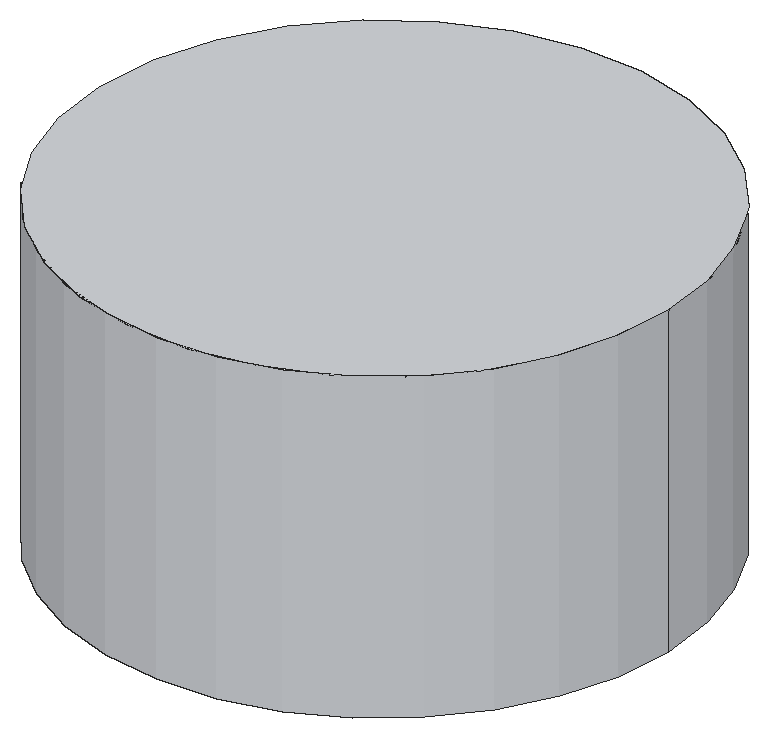
Revit family "Deca_Torneira de parede para cozinha_Aspen_1168.35", category Plumbing Fixtures, host Face, Revit 2019
Family settings
  Host = Face
  Round Connector Dimension = Use Radius
  Part Type = Normal
  Cut with Voids When Loaded = No
  Shared = No
  Room Calculation Point = No
Parameters (values of type "1168.C35_Cromado")
  Vazão na Pressão mín. (L/min) = "4 l/min"
  Vazão na Pressão máx. (L/min) = "16 l/min"
  Variações de COR = ""
  URL = "www.deca.com.br"
  Tipo de rosca de saída = "-"
  Tipo de rosca de entrada = "BSP NBR 8133"
  Tipo de mecanismo utilizado = "MVC -1/4 volta"
  Tipo de dispositivo economizador = "Não"
  Segmento = "Banheiro Competitivo"
  Saída de Esgoto = "-"
  Raio Água Fria = 7.5 mm  # constant formula
  Pressão mín. funcionamento = "2 MCA"
  Pressão mín. Aquec. Passagem = "-"
  Pressão mín. Aquec. Acúmulo = "-"
  Pressão máx. funcionamento = "40 MCA"
  Peso Líquido (Kg) = 0.675
  Norma = "NBR10281"
  Model = "1168.C35"
  Material = Deca_Cromado
  Manufacturer = "Deca"
  Linha = "Aspen"
  Itens de Instalação = "-"
  Informações Complementares = "-"
  HWFU = 0
  Diâmetro Água Fria = Raio Água Fria * 2  # 15 mm
  Description = "Torneira de parede para cozinha"
  Default Elevation = 110 mm
  Código Pai = "1168.35"
  Criado por = "quattroD"
  Cores Componente = "-"
  Cor Secundária = "-"
  Cor Principal = "Cromado"
  Cor Interna = "-"
  Consumo = "-"
  Composição Componente = "-"
  Composição Básica = "Liga de Cobre (bronze e latão),Plásticos de Engenharia,Elastômeros"
  Composição Assento = "-"
  Composição Anel Vedação = "-"
  Categoria = "METAIS PARA COZINHA"
  CWFU = 0
  Atendimento ao Cliente = "0800-0117073"
  Assembly Code = ""
  Aprovado por = "quattroD"
  Acompanha o Produto = "-"
Reference planes
  plane 1 "Center (Front/Back)": y = -55
  plane 2: z = 0
  plane 3 "Center (Left/Right)": x = 0
  plane 4 "Top 1": y = 165
  plane 5 "Top 2": y = 401.982
  plane 6 "Right 1": x = 57.759
  plane 7 "Left 1": x = -22.5
  plane 8 "Front 1": z = 216.635
Forms (mm)
  Extrusion 1, solid
    sketch origin (0, 0, 0) x (1, 0, 0) y (0, 1, 0)
      loop
        circle (0, 164.763) r 15
    from -16.132 to 0
Lines and regions (mm)
  Masking region 1
    outline origin (0, 0, 0) x (1, 0, 0) y (0, 1, 0)
      loop
        arc (-13.513, 188.114) -> (-15.783, 154.115) -> (18.172, 156.964) r 22.47
        line (18.172, 156.964) -> (25.037, 156.964) -> (25.037, 150.114) -> (64.73, 150.114)
        arc (64.73, 150.114) -> (66.112, 150.668) -> (66.728, 152.024) r 2
        arc (66.728, 152.024) -> (67.035, 161.066) -> (67.137, 170.114) r 400
        arc (67.137, 170.114) -> (67.035, 179.161) -> (66.728, 188.204) r 400
        arc (66.728, 188.204) -> (66.112, 189.56) -> (64.73, 190.114) r 2
        line (64.73, 190.114) -> (25.037, 190.114) -> (25.037, 183.264) -> (18.172, 183.264)
        arc (18.172, 183.264) -> (16.008, 185.862) -> (13.487, 188.114) r 22.983
        line (13.487, 188.114) -> (14.5, 188.114) -> (14.5, 204.65) -> (8.717, 204.65) -> (8.717, 324.936)
        arc (8.717, 324.936) -> (10.056, 325.784) -> (10.905, 327.122) r 3.627
        arc (10.905, 327.122) -> (11.416, 329.051) -> (11.587, 331.036) r 11.569
        line (11.587, 331.036) -> (11.587, 342.876)
        arc (11.587, 342.876) -> (11.625, 343.581) -> (11.637, 344.286) r 19.893
        line (11.637, 344.286) -> (11.637, 349.852)
        arc (11.637, 349.852) -> (11.283, 351.433) -> (10.288, 352.712) r 3.706
        arc (10.288, 352.712) -> (11.344, 353.645) -> (11.737, 354.998) r 2.528
        line (11.737, 354.998) -> (11.737, 360.636)
        arc (11.737, 360.636) -> (10.931, 362.064) -> (9.561, 362.966) r 3.489
        arc (9.561, 362.966) -> (8.937, 363.883) -> (8.717, 364.971) r 2.804
        line (8.717, 364.971) -> (8.717, 367.788) -> (8.717, 408.734)
        arc (8.717, 408.734) -> (-0.013, 417.464) -> (-8.743, 408.734) r 8.73
        line (-8.743, 408.734) -> (-8.743, 367.788) -> (-8.743, 364.971) -> (-9.114, 363.713) -> (-9.587, 362.966)
        arc (-9.587, 362.966) -> (-10.974, 362.08) -> (-11.763, 360.636) r 3.311
        line (-11.763, 360.636) -> (-11.763, 354.998)
        arc (-11.763, 354.998) -> (-11.365, 353.613) -> (-10.293, 352.651) r 2.61
        arc (-10.293, 352.651) -> (-11.302, 351.398) -> (-11.663, 349.83) r 3.59
        line (-11.663, 349.83) -> (-11.663, 344.286)
        arc (-11.663, 344.286) -> (-11.625, 343.581) -> (-11.613, 342.876) r 19.893
        line (-11.613, 342.876) -> (-11.613, 331.036)
        arc (-11.613, 331.036) -> (-11.441, 329.051) -> (-10.931, 327.124) r 11.569
        arc (-10.931, 327.124) -> (-10.082, 325.784) -> (-8.743, 324.936) r 3.627
        line (-8.743, 324.936) -> (-8.743, 204.592) -> (-14.5, 204.592) -> (-14.5, 188.114) -> (-13.513, 188.114)
  Masking region 2
    outline origin (0, -55, 0) x (1, 0, 0) y (0, 0, 1)
      loop
        line (14.5, 5) -> (14.5, 28.65)
        arc (14.5, 28.65) -> (15.437, 30.913) -> (17.7, 31.85) r 3.2
        line (17.7, 31.85) -> (25.05, 31.85) -> (25.05, 25) -> (33.577, 25)
        arc (33.577, 25) -> (34.093, 25.068) -> (34.574, 25.266) r 2
        arc (34.574, 25.266) -> (45.539, 28.198) -> (56.507, 25.277) r 22.011
        arc (56.507, 25.277) -> (56.997, 25.071) -> (57.523, 25) r 2
        line (57.523, 25) -> (64.743, 25)
        arc (64.743, 25) -> (66.125, 25.554) -> (66.741, 26.91) r 2
        arc (66.741, 26.91) -> (67.048, 35.952) -> (67.15, 45) r 400
        arc (67.15, 45) -> (67.048, 54.048) -> (66.741, 63.09) r 400
        arc (66.741, 63.09) -> (66.125, 64.446) -> (64.743, 65) r 2
        line (64.743, 65) -> (57.523, 65)
        arc (57.523, 65) -> (57.007, 64.932) -> (56.526, 64.734) r 2
        arc (56.526, 64.734) -> (45.55, 61.802) -> (34.574, 64.734) r 22.011
        arc (34.574, 64.734) -> (34.093, 64.932) -> (33.577, 65) r 2
        line (33.577, 65) -> (25.05, 65) -> (25.05, 58.15) -> (17.7, 58.15)
        arc (17.7, 58.15) -> (15.437, 59.087) -> (14.5, 61.35) r 3.2
        line (14.5, 61.35) -> (14.5, 69)
        arc (14.5, 69) -> (12.978, 75.468) -> (8.73, 80.577) r 14.5
        line (8.73, 80.577) -> (8.73, 184.92)
        arc (8.73, 184.92) -> (10.556, 187.483) -> (11.497, 190.486) r 10.022
        line (11.497, 190.486) -> (11.497, 204.531)
        spline (11.497, 204.531) -> (11.099, 207.182) -> (9.948, 209.651) -> (8.12, 211.771) -> (5.74, 213.397) -> (2.971, 214.419) -> (0, 214.768) -> (-2.971, 214.419) -> (-5.74, 213.397) -> (-8.12, 211.771) -> (-9.948, 209.651) -> (-11.099, 207.182) -> (-11.497, 204.531)
        line (-11.497, 204.531) -> (-11.75, 192.31)
        arc (-11.75, 192.31) -> (-10.898, 188.346) -> (-8.73, 184.92) r 11.567
        line (-8.73, 184.92) -> (-8.73, 80.577)
        arc (-8.73, 80.577) -> (-12.978, 75.468) -> (-14.5, 69) r 14.5
        line (-14.5, 69) -> (-14.5, 5) -> (-22.5, 5) -> (-22.5, 0) -> (22.5, 0) -> (22.5, 5) -> (14.5, 5)
  Masking region 3
    outline origin (0, 0, 0) x (0, 1, 0) y (0, 0, 1)
      loop
        line (147.614, 5) -> (147.614, 0) -> (192.614, 0) -> (192.614, 5) -> (184.614, 5) -> (184.614, 31.225)
        arc (184.614, 31.225) -> (190.007, 42.484) -> (187.965, 54.8) r 20.754
        line (187.965, 54.8) -> (204.614, 54.8) -> (204.614, 60.27) -> (346.504, 60.27)
        arc (346.504, 60.27) -> (416.386, 118.908) -> (370.774, 197.911) r 70.96
        line (370.774, 197.911) -> (367.807, 198.991) -> (366.366, 200.015) -> (364.33, 202.459) -> (364.655, 203.352) -> (359.017, 205.404)
        arc (359.017, 205.404) -> (358.252, 205.37) -> (357.735, 204.806) r 1
        line (357.735, 204.806) -> (355.991, 200.014) -> (352.672, 201.221) -> (354.468, 206.155) -> (352.101, 207.016) -> (351.653, 207.978) -> (348.27, 209.209) -> (347.501, 208.85) -> (347.176, 207.957) -> (346.331, 208.265) -> (346.844, 209.675) -> (335.009, 213.982)
        arc (335.009, 213.982) -> (332.967, 214.542) -> (330.862, 214.768) r 13.149
        arc (330.862, 214.768) -> (330.433, 214.35) -> (330.147, 213.825) r 2
        line (330.147, 213.825) -> (323.451, 195.427)
        arc (323.451, 195.427) -> (323.332, 194.84) -> (323.393, 194.245) r 2
        arc (323.393, 194.245) -> (325.15, 193.065) -> (327.074, 192.181) r 13.149
        line (327.074, 192.181) -> (338.909, 187.874) -> (339.422, 189.283) -> (340.268, 188.976) -> (339.943, 188.083) -> (340.301, 187.314) -> (343.695, 186.079) -> (344.603, 186.502) -> (347.027, 185.619) -> (348.837, 190.592) -> (352.126, 189.395) -> (350.382, 184.603)
        arc (350.382, 184.603) -> (350.415, 183.838) -> (350.98, 183.321) r 1
        line (350.98, 183.321) -> (356.618, 181.269) -> (356.943, 182.161) -> (360.073, 182.725) -> (361.835, 182.583) -> (364.802, 181.504)
        arc (364.802, 181.504) -> (399.192, 121.94) -> (346.504, 77.73) r 53.5
        line (346.504, 77.73) -> (204.614, 77.73) -> (204.614, 83.5) -> (188.114, 83.5) -> (188.114, 79.975) -> (187.114, 79.975) -> (187.114, 81.645) -> (184.797, 81.9) -> (173.12, 83.185)
        arc (173.12, 83.185) -> (160.985, 80.266) -> (155.614, 69) r 14.5
        line (155.614, 69) -> (155.614, 58.775)
        arc (155.614, 58.775) -> (150.114, 45) -> (155.614, 31.225) r 20
        line (155.614, 31.225) -> (155.614, 5) -> (147.614, 5)
  symbolic lines
    curve 1: arc (-14.513, 187.318, 0) -> (-15.321, 153.674, 0) -> (18.172, 156.964, 0) r 22.47
    curve 2: line (-14.513, 204.614, 0) -> (-14.513, 187.318, 0)
    curve 3: line (14.487, 204.614, 0) -> (-14.513, 204.614, 0)
    curve 4: line (-8.743, 204.614, 0) -> (-8.743, 324.936, 0)
    curve 5: line (8.717, 204.614, 0) -> (8.717, 324.936, 0)
    curve 6: line (14.487, 188.114, 0) -> (14.487, 204.614, 0)
    curve 7: line (-12.642, 187.114, 0) -> (12.616, 187.114, 0)
    curve 8: line (-14.5, 188.114, 0) -> (14.487, 188.114, 0)
    curve 9: line (-10.988, 187.114, 0) -> (-10.988, 188.114, 0)
    curve 10: arc (-13.513, 188.114, 0) -> (-15.783, 154.115, 0) -> (18.172, 156.964, 0) r 22.47
    curve 11: line (10.962, 187.114, 0) -> (10.962, 188.114, 0)
    curve 12: arc (18.172, 183.264, 0) -> (16.008, 185.862, 0) -> (13.487, 188.114, 0) r 22.983
    curve 13: line (12.616, 187.114, 0) -> (14.122, 173.433, 0)
    curve 14: line (-14.147, 173.433, 0) -> (-12.642, 187.114, 0)
    curve 15: arc (-13.817, 173.433, 0) -> (-0.013, 184.311, 0) -> (13.791, 173.433, 0) r 14.197
    curve 16: arc (-14.147, 173.433, 0) -> (-0.013, 184.633, 0) -> (14.122, 173.433, 0) r 14.519
    curve 17: arc (-14.198, 173.12, 0) -> (-0.013, 155.614, 0) -> (14.172, 173.12, 0) r 14.5
    curve 18: line (6.767, 156.964, 0) -> (20.637, 156.964, 0)
    curve 19: line (13.04, 183.264, 0) -> (20.637, 183.264, 0)
    curve 20: line (20.637, 156.964, 0) -> (20.637, 183.264, 0)
    curve 21: line (20.637, 183.264, 0) -> (25.037, 183.264, 0)
    curve 22: line (20.637, 156.964, 0) -> (25.037, 156.964, 0)
    curve 23: line (25.037, 150.114, 0) -> (25.037, 190.114, 0)
    curve 24: line (25.037, 190.114, 0) -> (64.73, 190.114, 0)
    curve 25: line (64.73, 150.114, 0) -> (25.037, 150.114, 0)
    curve 26: arc (33.611, 170.114, 0) -> (45.537, 182.04, 0) -> (57.464, 170.114, 0) r 11.927
    curve 27: arc (34.611, 170.114, 0) -> (45.537, 181.04, 0) -> (56.464, 170.114, 0) r 10.927
    curve 28: arc (57.464, 170.114, 0) -> (45.537, 158.187, 0) -> (33.611, 170.114, 0) r 11.927
    curve 29: arc (56.464, 170.114, 0) -> (45.537, 159.187, 0) -> (34.611, 170.114, 0) r 10.927
    curve 30: line (45.537, 181.04, 0) -> (45.537, 182.04, 0)
    curve 31: line (45.537, 158.187, 0) -> (45.537, 159.187, 0)
    curve 32: line (56.464, 170.114, 0) -> (57.464, 170.114, 0)
    curve 33: arc (66.728, 152.024, 0) -> (67.035, 161.066, 0) -> (67.137, 170.114, 0) r 400
    curve 34: arc (67.137, 170.114, 0) -> (67.035, 179.161, 0) -> (66.728, 188.204, 0) r 400
    curve 35: arc (64.73, 150.114, 0) -> (66.112, 150.668, 0) -> (66.728, 152.024, 0) r 2
    curve 36: arc (66.728, 188.204, 0) -> (66.112, 189.56, 0) -> (64.73, 190.114, 0) r 2
    curve 37: spline (11.587, 331.036, 0) -> (11.192, 332.063, 0) -> (10.033, 333.02, 0) -> (8.19, 333.842, 0) -> (5.787, 334.472, 0) -> (2.989, 334.868, 0) -> (-0.013, 335.004, 0) -> (-3.015, 334.868, 0) -> (-5.813, 334.472, 0) -> (-8.215, 333.842, 0) -> (-10.059, 333.02, 0) -> (-11.218, 332.063, 0) -> (-11.613, 331.036, 0)
    curve 38: line (-11.613, 331.036, 0) -> (-11.613, 342.876, 0)
    curve 39: line (11.587, 331.036, 0) -> (11.587, 342.876, 0)
    curve 40: spline (9.238, 325.143, 0) -> (10.678, 326.367, 0) -> (10.784, 327.686, 0) -> (9.542, 328.936, 0) -> (7.108, 329.959, 0) -> (3.784, 330.629, 0) -> (-0.013, 330.862, 0) -> (-3.81, 330.629, 0) -> (-7.133, 329.959, 0) -> (-9.568, 328.936, 0) -> (-10.81, 327.686, 0) -> (-10.704, 326.367, 0) -> (-9.264, 325.143, 0)
    curve 41: arc (-10.933, 327.128, 0) -> (-11.442, 329.053, 0) -> (-11.613, 331.036, 0) r 11.569
    curve 42: arc (10.907, 327.128, 0) -> (11.416, 329.053, 0) -> (11.587, 331.036, 0) r 11.569
    curve 43: arc (-9.264, 325.143, 0) -> (-0.013, 323.311, 0) -> (9.238, 325.143, 0) r 24.274
    curve 44: spline (11.427, 343.533, 0) -> (11.575, 344.697, 0) -> (10.732, 345.826, 0) -> (8.97, 346.823, 0) -> (6.439, 347.603, 0) -> (3.357, 348.1, 0) -> (-0.013, 348.27, 0) -> (-3.383, 348.1, 0) -> (-6.465, 347.603, 0) -> (-8.995, 346.823, 0) -> (-10.757, 345.826, 0) -> (-11.601, 344.697, 0) -> (-11.453, 343.533, 0)
    curve 45: spline (10.962, 344.161, 0) -> (10.334, 345.049, 0) -> (9.1, 345.86, 0) -> (7.333, 346.545, 0) -> (5.137, 347.066, 0) -> (2.64, 347.391, 0) -> (-0.013, 347.501, 0) -> (-2.665, 347.391, 0) -> (-5.163, 347.066, 0) -> (-7.359, 346.545, 0) -> (-9.126, 345.86, 0) -> (-10.359, 345.049, 0) -> (-10.988, 344.161, 0)
    curve 46: spline (11.587, 342.876, 0) -> (11.192, 343.903, 0) -> (10.033, 344.86, 0) -> (8.19, 345.682, 0) -> (5.787, 346.312, 0) -> (2.989, 346.708, 0) -> (-0.013, 346.844, 0) -> (-3.015, 346.708, 0) -> (-5.813, 346.312, 0) -> (-8.215, 345.682, 0) -> (-10.059, 344.86, 0) -> (-11.218, 343.903, 0) -> (-11.613, 342.876, 0)
    curve 47: line (-11.663, 344.286, 0) -> (-11.663, 349.83, 0)
    curve 48: line (11.637, 344.286, 0) -> (11.637, 349.83, 0)
    curve 49: line (-4, 353.819, 0) -> (-4, 351.976, 0)
    curve 50: line (4, 351.973, 0) -> (4, 353.819, 0)
    curve 51: spline (4, 351.973, 0) -> (3.355, 352.047, 0) -> (2.698, 352.108, 0) -> (2.032, 352.155, 0) -> (1.359, 352.189, 0) -> (0.681, 352.21, 0) -> (0.001, 352.217, 0) -> (-0.679, 352.21, 0) -> (-1.357, 352.19, 0) -> (-2.03, 352.157, 0) -> (-2.697, 352.11, 0) -> (-3.354, 352.05, 0) -> (-4, 351.976, 0)
    curve 52: line (-11.763, 354.998, 0) -> (-11.763, 360.636, 0)
    curve 53: line (11.737, 354.998, 0) -> (11.737, 360.636, 0)
    curve 54: arc (-11.663, 349.83, 0) -> (-11.426, 350.896, 0) -> (-10.762, 351.763, 0) r 2.523
    curve 55: arc (11.637, 349.83, 0) -> (11.403, 350.885, 0) -> (10.745, 351.742, 0) r 2.496
    curve 56: arc (-11.763, 354.998, 0) -> (-11.371, 353.624, 0) -> (-10.315, 352.661, 0) r 2.61
    curve 57: arc (11.737, 354.998, 0) -> (11.344, 353.645, 0) -> (10.288, 352.712, 0) r 2.528
    curve 58: arc (-10.762, 351.763, 0) -> (-10.444, 352.165, 0) -> (-10.315, 352.661, 0) r 1.255
    curve 59: arc (10.745, 351.742, 0) -> (10.41, 352.177, 0) -> (10.288, 352.712, 0) r 1.281
    curve 60: arc (-10.444, 352.165, 0) -> (-7.336, 353.491, 0) -> (-4.043, 354.246, 0) r 19.034
    curve 61: arc (10.41, 352.177, 0) -> (7.273, 353.521, 0) -> (3.92, 354.161, 0) r 15.82
    curve 62: arc (3.92, 354.161, 0) -> (-0.338, 354.48, 0) -> (-4.595, 354.161, 0) r 28.637
    curve 63: spline (11.737, 360.636, 0) -> (11.337, 361.677, 0) -> (10.163, 362.646, 0) -> (8.296, 363.478, 0) -> (5.862, 364.117, 0) -> (3.028, 364.518, 0) -> (-0.013, 364.655, 0) -> (-3.054, 364.518, 0) -> (-5.888, 364.117, 0) -> (-8.321, 363.478, 0) -> (-10.189, 362.646, 0) -> (-11.362, 361.677, 0) -> (-11.763, 360.636, 0)
    curve 64: spline (8.979, 363.886, 0) -> (8.312, 364.558, 0) -> (7.222, 365.163, 0) -> (5.763, 365.668, 0) -> (4.009, 366.049, 0) -> (2.051, 366.286, 0) -> (-0.013, 366.366, 0) -> (-2.076, 366.286, 0) -> (-4.035, 366.049, 0) -> (-5.788, 365.668, 0) -> (-7.248, 365.163, 0) -> (-8.338, 364.558, 0) -> (-9.004, 363.886, 0)
    curve 65: spline (8.707, 365.004, 0) -> (8.324, 365.749, 0) -> (7.406, 366.437, 0) -> (6.013, 367.024, 0) -> (4.233, 367.472, 0) -> (2.18, 367.754, 0) -> (-0.013, 367.849, 0) -> (-2.206, 367.754, 0) -> (-4.258, 367.472, 0) -> (-6.038, 367.024, 0) -> (-7.432, 366.437, 0) -> (-8.35, 365.749, 0) -> (-8.733, 365.004, 0)
    curve 66: line (-9.004, 363.886, 0) -> (-9.587, 362.966, 0)
    curve 67: line (-8.743, 364.971, 0) -> (-9.114, 363.713, 0)
    curve 68: line (8.979, 363.886, 0) -> (9.561, 362.966, 0)
    curve 69: line (8.717, 364.971, 0) -> (9.088, 363.713, 0)
    curve 70: line (8.717, 364.971, 0) -> (8.717, 367.788, 0)
    curve 71: line (-8.743, 367.788, 0) -> (-8.743, 364.971, 0)
    curve 72: spline (8.717, 367.788, 0) -> (8.42, 368.561, 0) -> (7.548, 369.281, 0) -> (6.16, 369.9, 0) -> (4.352, 370.374, 0) -> (2.247, 370.672, 0) -> (-0.013, 370.774, 0) -> (-2.272, 370.672, 0) -> (-4.378, 370.374, 0) -> (-6.186, 369.9, 0) -> (-7.573, 369.281, 0) -> (-8.445, 368.561, 0) -> (-8.743, 367.788, 0)
    curve 73: line (-8.743, 408.734, 0) -> (-8.743, 367.788, 0)
    curve 74: line (8.717, 367.788, 0) -> (8.717, 408.734, 0)
    curve 75: arc (8.717, 408.734, 0) -> (-0.013, 417.464, 0) -> (-8.743, 408.734, 0) r 8.73
    curve 76: arc (67.15, -55, 45) -> (67.048, -55, 35.952) -> (66.741, -55, 26.91) r 400
    curve 77: arc (66.741, -55, 63.09) -> (67.048, -55, 54.048) -> (67.15, -55, 45) r 400
    curve 78: line (57.523, -55, 25) -> (64.743, -55, 25)
    curve 79: arc (66.741, -55, 26.91) -> (66.125, -55, 25.554) -> (64.743, -55, 25) r 2
    curve 80: arc (34.574, -55, 25.266) -> (45.539, -55, 28.198) -> (56.507, -55, 25.277) r 22.011
    curve 81: arc (57.523, -55, 25) -> (56.997, -55, 25.071) -> (56.507, -55, 25.277) r 2
    curve 82: arc (33.188, -55, 25) -> (45.55, -55, 28.698) -> (57.913, -55, 25) r 22.511
    curve 83: line (25.05, -55, 25) -> (33.577, -55, 25)
    curve 84: arc (34.574, -55, 25.266) -> (34.093, -55, 25.068) -> (33.577, -55, 25) r 2
    curve 85: line (25.05, -55, 65) -> (25.05, -55, 25)
    curve 86: line (20.65, -55, 58.15) -> (20.65, -55, 31.85)
    curve 87: line (17.7, -55, 31.85) -> (25.05, -55, 31.85)
    curve 88: arc (14.5, -55, 28.65) -> (15.437, -55, 30.913) -> (17.7, -55, 31.85) r 3.2
    curve 89: line (14.5, -55, 5) -> (14.5, -55, 28.65)
    curve 90: line (22.5, -55, 4.7) -> (22.5, -55, 0)
    curve 91: line (22.2, -55, 5) -> (-22.5, -55, 5)
    curve 92: line (-14.5, -55, 5) -> (-14.5, -55, 69)
    curve 93: line (22.5, -55, 0) -> (-22.5, -55, 0)
    curve 94: line (-22.5, -55, 0) -> (-22.5, -55, 5)
    curve 95: arc (64.743, -55, 65) -> (66.125, -55, 64.446) -> (66.741, -55, 63.09) r 2
    curve 96: line (57.523, -55, 65) -> (64.743, -55, 65)
    curve 97: arc (34.574, -55, 64.734) -> (45.55, -55, 61.802) -> (56.526, -55, 64.734) r 22.011
    curve 98: arc (56.526, -55, 64.734) -> (57.007, -55, 64.932) -> (57.523, -55, 65) r 2
    curve 99: arc (33.188, -55, 65) -> (45.55, -55, 61.302) -> (57.913, -55, 65) r 22.511
    curve 100: line (33.577, -55, 65) -> (25.05, -55, 65)
    curve 101: arc (33.577, -55, 65) -> (34.093, -55, 64.932) -> (34.574, -55, 64.734) r 2
    curve 102: arc (17.7, -55, 58.15) -> (15.437, -55, 59.087) -> (14.5, -55, 61.35) r 3.2
    curve 103: line (17.7, -55, 58.15) -> (25.05, -55, 58.15)
    curve 104: line (14.5, -55, 61.35) -> (14.5, -55, 69)
    curve 105: arc (8.73, -55, 80.577) -> (0, -55, 54.5) -> (-8.73, -55, 80.577) r 14.5
    curve 106: arc (8.73, -55, 69) -> (0, -55, 60.27) -> (-8.73, -55, 69) r 8.73
    curve 107: line (-8.73, -55, 69) -> (-8.73, -55, 189.707)
    curve 108: line (8.73, -55, 189.707) -> (8.73, -55, 69)
    curve 109: spline (-8.73, -55, 184.92) -> (-11.041, -55, 188.532) -> (-11.743, -55, 192.694) -> (-10.735, -55, 196.8) -> (-8.163, -55, 200.252) -> (-4.402, -55, 202.547) -> (0, -55, 203.352) -> (4.402, -55, 202.547) -> (8.163, -55, 200.252) -> (10.735, -55, 196.8) -> (11.743, -55, 192.694) -> (11.041, -55, 188.532) -> (8.73, -55, 184.92)
    curve 110: spline (-8.73, -55, 186.335) -> (-10.429, -55, 189.674) -> (-10.742, -55, 193.363) -> (-9.626, -55, 196.912) -> (-7.23, -55, 199.849) -> (-3.872, -55, 201.784) -> (0, -55, 202.459) -> (3.872, -55, 201.784) -> (7.23, -55, 199.849) -> (9.626, -55, 196.912) -> (10.742, -55, 193.363) -> (10.429, -55, 189.674) -> (8.73, -55, 186.335)
    curve 111: spline (-8.73, -55, 189.707) -> (-8.433, -55, 191.83) -> (-7.56, -55, 193.809) -> (-6.173, -55, 195.508) -> (-4.365, -55, 196.812) -> (-2.259, -55, 197.631) -> (0, -55, 197.911) -> (2.259, -55, 197.631) -> (4.365, -55, 196.812) -> (6.173, -55, 195.508) -> (7.56, -55, 193.809) -> (8.433, -55, 191.83) -> (8.73, -55, 189.707)
    curve 112: spline (-8.73, -55, 188.642) -> (-9.2, -55, 191.321) -> (-8.763, -55, 194.004) -> (-7.461, -55, 196.428) -> (-5.425, -55, 198.353) -> (-2.853, -55, 199.589) -> (0, -55, 200.015) -> (2.853, -55, 199.589) -> (5.425, -55, 198.353) -> (7.461, -55, 196.428) -> (8.763, -55, 194.004) -> (9.2, -55, 191.321) -> (8.73, -55, 188.642)
    curve 113: spline (-8.73, -55, 190.772) -> (-8.433, -55, 192.895) -> (-7.56, -55, 194.873) -> (-6.173, -55, 196.572) -> (-4.365, -55, 197.876) -> (-2.259, -55, 198.696) -> (0, -55, 198.975) -> (2.259, -55, 198.696) -> (4.365, -55, 197.876) -> (6.173, -55, 196.572) -> (7.56, -55, 194.873) -> (8.433, -55, 192.895) -> (8.73, -55, 190.772)
    curve 114: line (11.65, -55, 198.261) -> (11.65, -55, 195.364)
    curve 115: arc (-11.75, -55, 194.362) -> (0, -55, 205.464) -> (11.75, -55, 194.362) r 11.769
    curve 116: spline (-11.65, -55, 198.261) -> (-11.253, -55, 201.095) -> (-10.089, -55, 203.735) -> (-8.238, -55, 206.002) -> (-5.825, -55, 207.742) -> (-3.015, -55, 208.836) -> (0, -55, 209.209) -> (3.015, -55, 208.836) -> (5.825, -55, 207.742) -> (8.238, -55, 206.002) -> (10.089, -55, 203.735) -> (11.253, -55, 201.095) -> (11.65, -55, 198.261)
    curve 117: spline (-11.6, -55, 203.084) -> (-11.205, -55, 205.905) -> (-10.046, -55, 208.534) -> (-8.202, -55, 210.792) -> (-5.8, -55, 212.524) -> (-3.002, -55, 213.613) -> (0, -55, 213.984) -> (3.002, -55, 213.613) -> (5.8, -55, 212.524) -> (8.202, -55, 210.792) -> (10.046, -55, 208.534) -> (11.205, -55, 205.905) -> (11.6, -55, 203.084)
    curve 118: line (11.6, -55, 203.084) -> (11.6, -55, 199.274)
    curve 119: spline (-11.573, -55, 199.518) -> (-11.016, -55, 202.19) -> (-9.771, -55, 204.649) -> (-7.918, -55, 206.741) -> (-5.57, -55, 208.336) -> (-2.875, -55, 209.335) -> (0, -55, 209.675) -> (2.875, -55, 209.335) -> (5.57, -55, 208.336) -> (7.918, -55, 206.741) -> (9.771, -55, 204.649) -> (11.016, -55, 202.19) -> (11.573, -55, 199.518)
    curve 120: spline (-11.497, -55, 204.531) -> (-11.099, -55, 207.182) -> (-9.948, -55, 209.651) -> (-8.12, -55, 211.771) -> (-5.74, -55, 213.397) -> (-2.971, -55, 214.419) -> (0, -55, 214.768) -> (2.971, -55, 214.419) -> (5.74, -55, 213.397) -> (8.12, -55, 211.771) -> (9.948, -55, 209.651) -> (11.099, -55, 207.182) -> (11.497, -55, 204.531)
    curve 121: spline (-4.112, -55, 207.067) -> (-3.45, -55, 207.281) -> (-2.775, -55, 207.457) -> (-2.09, -55, 207.595) -> (-1.398, -55, 207.693) -> (-0.7, -55, 207.752) -> (0, -55, 207.772) -> (0.7, -55, 207.752) -> (1.398, -55, 207.693) -> (2.09, -55, 207.595) -> (2.775, -55, 207.457) -> (3.45, -55, 207.281) -> (4.112, -55, 207.067)
    curve 122: line (4.112, -55, 207.067) -> (-4.112, -55, 207.067)
    curve 123: spline (-11.573, -55, 199.518) -> (-11.016, -55, 202.19) -> (-9.771, -55, 204.649) -> (-7.918, -55, 206.741) -> (-5.57, -55, 208.336) -> (-2.875, -55, 209.335) -> (0, -55, 209.675) -> (2.875, -55, 209.335) -> (5.57, -55, 208.336) -> (7.918, -55, 206.741) -> (9.771, -55, 204.649) -> (11.016, -55, 202.19) -> (11.573, -55, 199.518)
    curve 124: line (-11.65, -55, 198.261) -> (-11.65, -55, 195.364)
    curve 125: line (-11.75, -55, 194.362) -> (-11.75, -55, 192.31)
    curve 126: line (-11.6, -55, 203.084) -> (-11.6, -55, 199.274)
    curve 127: arc (4, -55, 206.391) -> (0.031, -55, 206.039) -> (-3.939, -55, 206.391) r 22.568
    curve 128: line (11.75, -55, 194.362) -> (11.75, -55, 192.31)
    curve 129: line (0, 147.614, 4.7) -> (0, 147.614, 0)
    curve 130: line (0, 192.614, 0) -> (0, 192.614, 4.7)
    curve 131: line (0, 155.614, 5) -> (0, 155.614, 31.225)
    curve 132: line (0, 184.614, 5) -> (0, 184.614, 31.225)
    curve 133: line (0, 147.614, 0) -> (0, 192.614, 0)
    curve 134: line (0, 147.614, 4.7) -> (0, 192.614, 4.7)
    curve 135: line (0, 192.314, 5) -> (0, 147.914, 5)
    curve 136: circle (0, 170.114, 45) r 20 normal (1, 0, 0)
    curve 137: arc (0, 173.12, 83.185) -> (0, 160.985, 80.266) -> (0, 155.614, 69) r 14.5
    curve 138: line (0, 155.614, 58.775) -> (0, 155.614, 69)
    curve 139: line (0, 177.937, 82.639) -> (0, 184.016, 81.96)
    curve 140: line (0, 174.568, 82.877) -> (0, 173.433, 83.135)
    curve 141: line (0, 174.463, 83.235) -> (0, 177.96, 82.845)
    curve 142: line (0, 184.625, 81.903) -> (0, 187.114, 81.629)
    curve 143: line (0, 204.314, 83.5) -> (0, 188.114, 83.5)
    curve 144: line (0, 187.114, 79.975) -> (0, 188.114, 79.975)
    curve 145: line (0, 187.114, 81.629) -> (0, 187.114, 56.351)
    curve 146: line (0, 187.114, 58.025) -> (0, 188.114, 58.025)
    curve 147: line (0, 188.114, 83.5) -> (0, 188.114, 54.5)
    curve 148: line (0, 188.114, 54.5) -> (0, 204.314, 54.5)
    curve 149: line (0, 204.614, 83.2) -> (0, 204.614, 54.8)
    curve 150: line (0, 204.614, 60.27) -> (0, 346.504, 60.27)
    curve 151: line (0, 204.614, 77.73) -> (0, 346.504, 77.73)
    curve 152: line (0, 173.433, 71.999) -> (0, 173.433, 69)
    curve 153: arc (0, 173.433, 71.999) -> (0, 174.914, 73.029) -> (0, 176.272, 74.216) r 16.294
    curve 154: line (0, 176.272, 74.216) -> (0, 184.016, 81.96)
    curve 155: arc (0, 173.433, 69) -> (0, 174.556, 71.242) -> (0, 176.009, 73.286) r 16.346
    curve 156: line (0, 176.009, 73.286) -> (0, 184.625, 81.903)
    curve 157: arc (0, 346.504, 77.73) -> (0, 399.192, 121.94) -> (0, 364.802, 181.504) r 53.5
    curve 158: arc (0, 346.504, 60.27) -> (0, 416.386, 118.908) -> (0, 370.774, 197.911) r 70.96
    curve 159: line (0, 361.878, 182.568) -> (0, 367.849, 198.975)
    curve 160: line (0, 364.802, 181.504) -> (0, 370.774, 197.911)
    curve 161: line (0, 360.072, 182.725) -> (0, 366.366, 200.015)
    curve 162: line (0, 370.774, 197.911) -> (0, 367.849, 198.975)
    curve 163: line (0, 367.845, 198.963) -> (0, 366.366, 200.015)
    curve 164: line (0, 366.366, 200.016) -> (0, 364.33, 202.459)
    curve 165: line (0, 361.878, 182.568) -> (0, 364.802, 181.504)
    curve 166: line (0, 361.882, 182.58) -> (0, 360.072, 182.725)
    curve 167: line (0, 360.072, 182.725) -> (0, 356.943, 182.161)
    curve 168: line (0, 350.98, 183.321) -> (0, 356.618, 181.269)
    curve 169: line (0, 356.618, 181.269) -> (0, 364.655, 203.352)
    curve 170: line (0, 350.382, 184.603) -> (0, 357.735, 204.806)
    curve 171: arc (0, 350.382, 184.603) -> (0, 350.415, 183.838) -> (0, 350.98, 183.321) r 1
    curve 172: arc (0, 359.017, 205.404) -> (0, 358.252, 205.37) -> (0, 357.735, 204.806) r 1
    curve 173: line (0, 364.655, 203.352) -> (0, 359.017, 205.404)
    curve 174: line (0, 352.702, 201.211) -> (0, 355.521, 200.185)
    curve 175: line (0, 348.837, 190.592) -> (0, 351.656, 189.566)
    curve 176: line (0, 347.127, 185.894) -> (0, 354.412, 205.909)
    curve 177: line (0, 344.49, 186.543) -> (0, 347.027, 185.619)
    curve 178: line (0, 340.301, 187.314) -> (0, 344.248, 185.877)
    curve 179: line (0, 347.501, 208.85) -> (0, 339.943, 188.083)
    curve 180: line (0, 348.27, 209.209) -> (0, 340.301, 187.314)
    curve 181: line (0, 340.301, 187.314) -> (0, 339.943, 188.083)
    curve 182: line (0, 338.909, 187.874) -> (0, 346.844, 209.675)
    curve 183: line (0, 339.422, 189.283) -> (0, 340.268, 188.976)
    curve 184: line (0, 352.217, 207.772) -> (0, 348.27, 209.209)
    curve 185: line (0, 351.961, 207.067) -> (0, 354.468, 206.155)
    curve 186: line (0, 346.331, 208.265) -> (0, 347.176, 207.957)
    curve 187: line (0, 346.844, 209.675) -> (0, 335.004, 213.984)
    curve 188: line (0, 335.004, 213.984) -> (0, 327.069, 192.183)
    curve 189: line (0, 327.069, 192.183) -> (0, 338.909, 187.874)
    curve 190: arc (0, 327.069, 192.183) -> (0, 325.148, 193.066) -> (0, 323.393, 194.245) r 13.149
    curve 191: arc (0, 323.451, 195.427) -> (0, 323.332, 194.84) -> (0, 323.393, 194.245) r 2
    curve 192: line (0, 330.862, 214.768) -> (0, 323.393, 194.245)
    curve 193: line (0, 330.147, 213.825) -> (0, 323.451, 195.427)
    curve 194: arc (0, 330.862, 214.768) -> (0, 330.433, 214.35) -> (0, 330.147, 213.825) r 2
    curve 195: arc (0, 335.004, 213.984) -> (0, 332.965, 214.543) -> (0, 330.862, 214.768) r 13.149
Dimensions and locks
  aligned and locked: host face to plane 2
  aligned and locked: level to host face
Connectors
  piping at (0, 170.114, 5), diameter 15, driven by "Raio Água Fria"
    settings: on free form element, index 1, connector inside diameter 24", connector length 0 mm, flow factor 0, pipe flow 0 GPM, pressure drop 0.00 psi, fitting loss kfactor 0, connector angle 0.00°, fixture units 0, engagement length 0 mm, angle of deflection 0.00°, flow configuration 3, flow direction 1, fitting loss method 4, system type 20, joint type 0, gender type 0, connector reference index -1, connector utility 0, adjustable connector no, is connector primary yes, connector description ""
